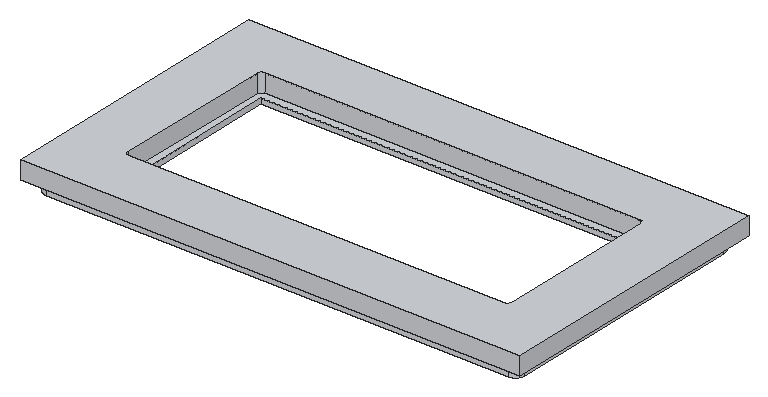
Revit family "Gira_1002220", category Electrical Fixtures, host Face, Revit 2017
Family settings
  Host = Face
  Maintain Annotation Orientation = No
  Round Connector Dimension = Use Diameter
  Part Type = Normal
  Cut with Voids When Loaded = No
  Shared = No
  Room Calculation Point = No
Parameters (values of type "Abdeckrahmen 2f o.M. Gira Esprit Lin.Mpx.Hellgrau")
  Werkstoffgüte = "sonstige"
  Werkstoff = "sonstige"
  URL = "http://katalog.gira.de/de_DE/datenblatt.html?artikelnr=1002220"
  Transparent = "No"
  Textfeld/Beschriftungsfläche = "No"
  Schutzart (IP) = "IP20"
  Region = "DE"
  Oberfläche = "sonstige"
  Name = "Abdeckrahmen 2f o.M. Gira Esprit Lin.Mpx.Hellgrau"
  Montagerichtung = "horizontal und vertikal"
  Mit Montagerahmen = "No"
  Mit Klappdeckel = "No"
  Manufacturer URL = "https://www.gira.de/"
  Keynote = "Espr._Rahmen_2fach o.Mittelsteg"
  HeinzeBIM = "https://bimportal.heinze.de/bim/abdeckrahmen-2f-o-m-gira-esprit-lin-mpx-hellgrau/4f4dbe396867dc5adea19272ba1c2c2fc483d05c"
  Halogenfrei = "No"
  HAN = "1002220"
  Geeignet für Unterputz-Installation = "Yes"
  Geeignet für Unterflurkanaldose = "No"
  Geeignet für Geräteeinbaukanal = "No"
  Geeignet für Einbauinstallation = "No"
  GTIN = "4010337015864"
  Farbe = "sonstige"
  Default Elevation = 1219.2 mm
  Data sheet (1) = "https://katalog.gira.de/de_DE/download.html?artikelnr=1002220"
  Category = "Abdeckrahmen"
  Befestigungsart = "Klemmbefestigung"
  Available = "Yes"
  Anzahl der Einheiten vertikal = "2 "
  Anzahl der Einheiten horizontal = "2 "
  Anzahl der Einheiten = "2 "
Reference planes
  plane 1 "Center (Front/Back)": y = 0
  plane 2: z = 0
  plane 3 "Center (Left/Right)": x = 0
Forms (mm)
  Extrusion 1, solid, detail levels fine
    sketch origin (0, 0, 0) x (1, 0, 0) y (0, 1, 0)
      loop
        line (-83, 47.5) -> (-83, -47.5) -> (83, -47.5) -> (83, 47.5) -> (-83, 47.5)
      loop
        arc (-63.75, -26.7) -> (-63.311, -27.761) -> (-62.25, -28.2) r 1.5
        line (-62.25, -28.2) -> (62.25, -28.2)
        arc (62.25, -28.2) -> (63.311, -27.761) -> (63.75, -26.7) r 1.5
        line (63.75, -26.7) -> (63.75, 26.7)
        arc (63.75, 26.7) -> (63.311, 27.761) -> (62.25, 28.2) r 1.5
        line (62.25, 28.2) -> (-62.25, 28.2)
        arc (-62.25, 28.2) -> (-63.311, 27.761) -> (-63.75, 26.7) r 1.5
        line (-63.75, 26.7) -> (-63.75, -26.7)
    from 0 to 6
  Extrusion 2, solid, detail levels fine
    sketch origin (0, 0, 0) x (1, 0, 0) y (0, 1, 0)
      loop
        line (-61.518, -25.7) -> (61.45, -25.7) -> (61.45, 25.7) -> (-61.518, 25.7) -> (-61.518, -25.7)
      loop
        arc (-78.55, -41.3) -> (-78.023, -42.573) -> (-76.75, -43.1) r 1.8
        line (-76.75, -43.1) -> (77.95, -43.1)
        arc (77.95, -43.1) -> (79.223, -42.573) -> (79.75, -41.3) r 1.8
        line (79.75, -41.3) -> (79.75, 41.3)
        arc (79.75, 41.3) -> (79.223, 42.573) -> (77.95, 43.1) r 1.8
        line (77.95, 43.1) -> (-76.75, 43.1)
        arc (-76.75, 43.1) -> (-78.023, 42.573) -> (-78.55, 41.3) r 1.8
        line (-78.55, 41.3) -> (-78.55, -41.3)
    from -1.9 to 0
  Extrusion 3, solid, detail levels fine
    sketch origin (0, 0, 0) x (1, 0, 0) y (0, 1, 0)
      loop
        arc (-76.75, 44.4) -> (-78.871, 43.521) -> (-79.75, 41.4) r 3
        line (-79.75, 41.4) -> (-79.75, -41.4)
        arc (-79.75, -41.4) -> (-78.871, -43.521) -> (-76.75, -44.4) r 3
        line (-76.75, -44.4) -> (76.75, -44.4)
        arc (76.75, -44.4) -> (78.871, -43.521) -> (79.75, -41.4) r 3
        line (79.75, -41.4) -> (79.75, 41.4)
        arc (79.75, 41.4) -> (78.871, 43.521) -> (76.75, 44.4) r 3
        line (76.75, 44.4) -> (-76.75, 44.4)
      loop
        arc (-78.55, -41.4) -> (-78.023, -42.673) -> (-76.75, -43.2) r 1.8
        line (-76.75, -43.2) -> (76.75, -43.2)
        arc (76.75, -43.2) -> (78.023, -42.673) -> (78.55, -41.4) r 1.8
        line (78.55, -41.4) -> (78.55, 41.4)
        arc (78.55, 41.4) -> (78.023, 42.673) -> (76.75, 43.2) r 1.8
        line (76.75, 43.2) -> (-76.75, 43.2)
        arc (-76.75, 43.2) -> (-78.023, 42.673) -> (-78.55, 41.4) r 1.8
        line (-78.55, 41.4) -> (-78.55, -41.4)
    from -3.7 to 0
  Extrusion 4, solid, detail levels medium
    sketch origin (0, 0, 0) x (1, 0, 0) y (0, 1, 0)
      loop
        line (-83, 47.5) -> (-83, -47.5) -> (83, -47.5) -> (83, 47.5) -> (-83, 47.5)
    from 0 to 6
  Extrusion 5, solid, detail levels medium
    sketch origin (0, 0, 0) x (1, 0, 0) y (0, 1, 0)
      loop
        line (-79.75, 44.4) -> (-79.75, -44.4) -> (79.75, -44.4) -> (79.75, 44.4) -> (-79.75, 44.4)
    from -3.7 to 0
  Extrusion 6, solid, detail levels coarse
    sketch origin (0, 0, 0) x (1, 0, 0) y (0, 1, 0)
      loop
        line (-83, 47.5) -> (-83, -47.5) -> (83, -47.5) -> (83, 47.5) -> (-83, 47.5)
    from -3.7 to 6
Dimensions and locks
  aligned and locked: plane 2 to host face
  aligned and locked: level to host face
